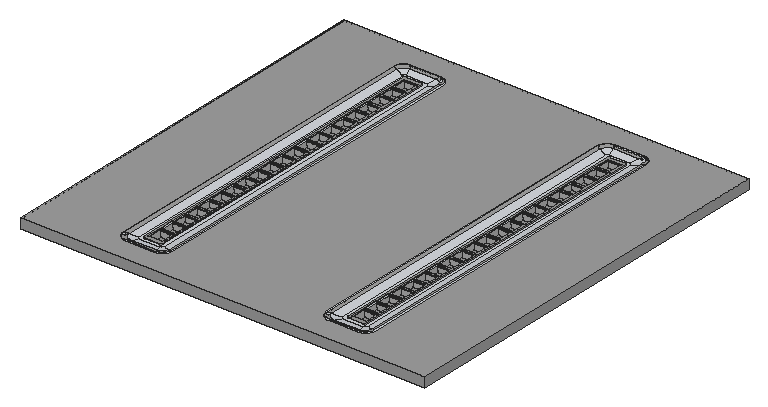
Revit family "0044016 Sylvania Lighting Fixture OptiClip 600 4000K C9 WH CC WHITE", category Lighting Fixtures, host Face, Revit 2016
Family settings
  Host = Face
  Part Type = Normal
  Round Connector Dimension = Use Diameter
  OmniClass Number = 23.80.70.00
  OmniClass Title = Lighting
  Cut with Voids When Loaded = No
  Light Source = Yes
  Shared = No
  Room Calculation Point = No
Parameters (values of type "Type Name")
  spacer height = 5 mm
  spacer centres = 1000 mm
  height = 14.63 mm
  cut out width = 590 mm
  cut out length = 590 mm
  Width = 595 mm
  Weight = ""
  Wattage Comments = ""
  Wattage = 9.2903 W
  WarrantyStartDate [instance] = "n/a"
  WarrantyGuarantorParts = "n/a"
  WarrantyDurationUnit = "n/a"
  WarrantyDurationParts = "n/a"
  WarrantyDescription = "n/a"
  built-in parameter 1150110 = 1 (stored number, unit not read)
  Voltage = 0 V
  URL = "http://www.feilosylvania.com"
  TypeName = ""
  Type Image = <None>
  Type Comments = "n/a"
  built-in parameter 1114217 = 1 (stored number, unit not read)
  Tilt Angle = 90.00°
  built-in parameter 1150109 = 1 (stored number, unit not read)
  built-in parameter 1150134 = 3
  built-in parameter 1150113 = 1 (stored number, unit not read)
  SerialNumber [instance] = "n/a"
  Photometric Web File = "0044016.ies"
  Material_3_FEILO = none
  PowerFactor = 0
  PowerConsumption = ""
  NominalLength = 0 mm
  NominalHeight = 0 mm
  NominalDepth = 0 mm
  Name = ""
  ModelReference = Name  # ""
  ModelNumber = ""
  Model = Name  # ""
  Material = ""
  ManufacturerName = "Feilo Sylvania"
  Manufacturer = "Feilo Sylvania"
  LuminousEfficacy = ""
  built-in parameter 1150105 = 109.82 (stored number, unit not read)
  Lumens = 1380 lm
  LuminaireType = ""
  built-in parameter 1150115 = 1 (stored number, unit not read)
  LightOutputRatio = ""
  built-in parameter 1150137 = (empty or 0)
  built-in parameter 1150139 = (empty or 0)
  Length = 595 mm
  LampsType = Lamp  # ""
  LampNominalLuminous = ""
  LampMacAdamStep = ""
  LampColourTemperature = ""
  LampColourRenderingIndex = ""
  built-in parameter 1150112 = 1 (stored number, unit not read)
  built-in parameter 1150114 = 1 (stored number, unit not read)
  Lamp = ""
  Keynote = "16500"
  InstallationDate [instance] = "n/a"
  InputVoltage = ""
  InputNominalFrequency = ""
  built-in parameter 1150132 = (empty or 0)
  built-in parameter 1150102 = (empty or 0)
  built-in parameter 1150107 = 3200 (stored number, unit not read)
  built-in parameter 1150138 = (empty or 0)
  IngressProtection = ""
  ImpactProtectionIndex = ""
  built-in parameter 1150106 = 1.0982 (stored number, unit not read)
  IfcExportType = "IfcLightFixtureType"
  IfcExportAs = "IfcLightFixtureType"
  Height = 50 mm
  ExpectedLife = 50000
  Emit from Circle Diameter = 609.6 mm
  Emit Shape Visible in Rendering = no
  ElectricShockClassification = ""
  built-in parameter 1150104 = 13.8 (stored number, unit not read)
  DurationUnit = "hours"
  DocumentationLiterature = ""
  DimmingControlOptions = ""
  Material_2_FEILO = none
  Dimming Lamp Color Temperature Shift = <None>
  Description = ""
  Default Elevation = 1219.2 mm
  CreatedOn = ""
  CreatedBy = ""
  Cost = 0
  Color Filter = 16777215
  built-in parameter 1114216 [instance] = (empty or 0)
  ClassificationValue = "EF_70_80"
  ClassificationName = "Uniclass2015"
  Material_1_FEILO = none
  BarCode [instance] = "n/a"
  built-in parameter 1114218 = 1 (stored number, unit not read)
  built-in parameter 1150133 = 10 (stored number, unit not read)
  AssetType = ""
  AssetIdentifier [instance] = "n/a"
  Assembly Code = "D5020200"
  Apparent Load = 0 VA
  Material_4_FEILO = none
Reference planes
  plane 1 "Center (Front/Back)": y = 0
  plane 2: z = 0
  plane 3 "Center (Left/Right)": x = 0
  plane 4: z = 0
  plane 5: y = 297.5
  plane 6: y = -297.5
  plane 7: x = -297.5
  plane 8: x = 297.5
  plane 9: x = -295
  plane 10: x = 295
  plane 11: y = 295
  plane 12: y = -295
  plane 13: z = -14.63
  plane 14: y = 296.5
  plane 15: x = -296.5
  plane 16: x = 296.5
  plane 17: y = -296.5
  plane 18: x = -185
  plane 19: x = -113
  plane 20: y = -246.5
  plane 21: x = -184
  plane 22: y = 262
  plane 23: x = -114
  plane 24: y = -262
  plane 25: y = 245.5
  plane 26: y = -245.345
  plane 27: x = -160
  plane 28: x = -138
  plane 29: y = 236.5
  plane 30: y = -236.345
  plane 31: y = 213.35
  plane 32: y = 212.35
  plane 33: y = 190.95
  plane 34: y = 189.95
  plane 35: y = 168.595
  plane 36: y = 167.595
  plane 37: y = 146.15
  plane 38: y = 145.15
  plane 39: y = 123.75
  plane 40: y = 122.75
  plane 41: y = 101.35
  plane 42: y = 100.35
  plane 43: y = 78.95
  plane 44: y = 77.95
  plane 45: y = 56.576
  plane 46: y = 55.576
  plane 47: y = 34.15
  plane 48: y = 33.15
  plane 49: y = 11.75
  plane 50: y = 10.75
  plane 51: y = -10.65
  plane 52: y = -11.65
  plane 53: y = -33.05
  plane 54: y = -34.05
  plane 55: y = -55.45
  plane 56: y = -56.45
  plane 57: y = -77.805
  plane 58: y = -78.805
  plane 59: y = -100.25
  plane 60: y = -101.25
  plane 61: y = -122.65
  plane 62: y = -123.65
  plane 63: y = -145.05
  plane 64: y = -146.05
  plane 65: y = -167.45
  plane 66: y = -168.416
  plane 67: y = -189.816
  plane 68: y = -190.816
  plane 69: y = -212.216
  plane 70: y = -213.216
  plane 71: y = -234.616
  plane 72: x = -159.5
  plane 73: x = -138.539
  plane 74: y = 230.05
  plane 75: y = 218.05
  plane 76: x = -143.039
  plane 77: x = -155
  plane 78: x = -162.5
  plane 79: x = -135.5
  plane 80: y = 240.5
  plane 81: y = -240.345
  plane 82: y = 238
Forms (mm)
  Extrusion 1, void, detail levels medium+fine
    sketch origin (4.2, 0, 0) x (0, 1, 0) y (1, 0, 0)
      loop
        line (295, -299.2) -> (295, 290.8) -> (-295, 290.8) -> (-295, -299.2) -> (295, -299.2)
    from 0 to 10
  Extrusion 2, solid, material "Default", detail levels medium+fine
    sketch origin (4.2, 0, 0) x (1, 0, 0) y (0, 1, 0)
      loop
        line (-301.7, 297.5) -> (-301.7, -297.5) -> (293.3, -297.5) -> (293.3, 297.5) -> (-301.7, 297.5)
    from 0 to -14.63
  Extrusion 3, void, detail levels medium+fine
    sketch origin (4.2, 0, 0) x (0, 1, 0) y (1, 0, 0)
      loop
        line (296.5, -300.7) -> (296.5, 292.3) -> (-296.5, 292.3) -> (-296.5, -300.7) -> (296.5, -300.7)
    from 1.008 to 14.63
  Blend 4, solid, detail levels medium+fine
    base sketch origin (4.2, 0, 0) x (1, 0, 0) y (0, 1, 0)
      loop
        line (-189.2, 248) -> (-189.2, -248)
        arc (-189.2, -248) -> (-184.807, -258.607) -> (-174.2, -263) r 15
        line (-174.2, -263) -> (-132.2, -263)
        arc (-132.2, -263) -> (-121.593, -258.607) -> (-117.2, -248) r 15
        line (-117.2, -248) -> (-117.2, 248)
        arc (-117.2, 248) -> (-121.593, 258.607) -> (-132.2, 263) r 15
        line (-132.2, 263) -> (-174.2, 263)
        arc (-174.2, 263) -> (-184.807, 258.607) -> (-189.2, 248) r 15
    top sketch origin (4.2, 0, 0) x (1, 0, 0) y (0, 1, 0)
      loop
        line (-172.7, 242.5) -> (-172.7, -242.5)
        arc (-172.7, -242.5) -> (-171.517, -245.34) -> (-168.667, -246.5) r 4
        line (-168.667, -246.5) -> (-137.633, -246.5)
        arc (-137.633, -246.5) -> (-134.828, -245.324) -> (-133.7, -242.5) r 3.934
        line (-133.7, -242.5) -> (-133.7, 242.5)
        arc (-133.7, 242.5) -> (-134.982, 245.439) -> (-138.008, 246.5) r 4.011
        line (-138.008, 246.5) -> (-168.7, 246.5)
        arc (-168.7, 246.5) -> (-171.528, 245.328) -> (-172.7, 242.5) r 4
    from 0 to -4
  Blend 5, void
    base sketch origin (4.2, 0, 0) x (0, 1, 0) y (-1, 0, 0)
      loop
        line (248, 188.2) -> (-248, 188.2)
        arc (-248, 188.2) -> (-257.899, 184.099) -> (-262, 174.2) r 14
        line (-262, 174.2) -> (-262, 132.2)
        arc (-262, 132.2) -> (-257.899, 122.301) -> (-248, 118.2) r 14
        line (-248, 118.2) -> (248, 118.2)
        arc (248, 118.2) -> (257.899, 122.301) -> (262, 132.2) r 14
        line (262, 132.2) -> (262, 174.2)
        arc (262, 174.2) -> (257.899, 184.099) -> (248, 188.2) r 14
    top sketch origin (4.2, 0, 0) x (0, 1, 0) y (-1, 0, 0)
      loop
        line (242.5, 171.7) -> (-242.5, 171.7)
        arc (-242.5, 171.7) -> (-244.579, 170.8) -> (-245.345, 168.667) r 2.851
        line (-245.345, 168.667) -> (-245.345, 137.633)
        arc (-245.345, 137.633) -> (-244.517, 135.59) -> (-242.5, 134.7) r 2.934
        line (-242.5, 134.7) -> (242.5, 134.7)
        arc (242.5, 134.7) -> (244.733, 135.69) -> (245.5, 138.008) r 3.014
        line (245.5, 138.008) -> (245.5, 168.7)
        arc (245.5, 168.7) -> (244.621, 170.821) -> (242.5, 171.7) r 3
    from 0 to -3.5
  Extrusion 6, solid, material "Aluminum 1100-H18", detail levels medium+fine
    sketch origin (4.2, 0, 0) x (1, 0, 0) y (0, 1, 0)
      loop
        line (-164.2, 236.5) -> (-164.2, -236.345) -> (-142.2, -236.345) -> (-142.2, 236.5) -> (-164.2, 236.5)
    from -4 to -14.63
  Extrusion 7, solid, material "Aluminum 1100-H18", detail levels medium+fine
    sketch origin (4.2, 0, 0) x (1, 0, 0) y (0, 1, 0)
      loop
        line (-166.7, 238) -> (-166.7, -238.071)
        arc (-166.7, -238.071) -> (-165.953, -239.761) -> (-164.2, -240.345) r 2.284
        line (-164.2, -240.345) -> (-142.156, -240.345)
        arc (-142.156, -240.345) -> (-140.483, -239.689) -> (-139.7, -238.071) r 2.464
        line (-139.7, -238.071) -> (-139.7, 238)
        arc (-139.7, 238) -> (-140.432, 239.768) -> (-142.2, 240.5) r 2.5
        line (-142.2, 240.5) -> (-164.2, 240.5)
        arc (-164.2, 240.5) -> (-165.968, 239.768) -> (-166.7, 238) r 2.5
    from -3.5 to -2.5
  Blend 8, void
    base sketch origin (4.2, 0, 0) x (0, 1, 0) y (-1, 0, 0)
      loop
        line (234.75, 163.7) -> (213.35, 163.7) -> (213.35, 142.739) -> (234.75, 142.739) -> (234.75, 163.7)
    top sketch origin (4.2, 0, 0) x (0, 1, 0) y (-1, 0, 0)
      loop
        line (230.05, 159.2) -> (218.05, 159.2) -> (218.05, 147.239) -> (230.05, 147.239) -> (230.05, 159.2)
    from -2.5 to -11
  Blend 9, void
    base sketch origin (4.2, -22.4, 0) x (0, 1, 0) y (-1, 0, 0)
      loop
        line (234.75, 163.7) -> (213.35, 163.7) -> (213.35, 142.739) -> (234.75, 142.739) -> (234.75, 163.7)
    top sketch origin (4.2, -22.4, 0) x (0, 1, 0) y (-1, 0, 0)
      loop
        line (230.05, 159.2) -> (218.05, 159.2) -> (218.05, 147.239) -> (230.05, 147.239) -> (230.05, 159.2)
    from -2.5 to -11
  Blend 10, void
    base sketch origin (4.2, -44.8, 0) x (0, 1, 0) y (-1, 0, 0)
      loop
        line (234.75, 163.7) -> (213.35, 163.7) -> (213.35, 142.739) -> (234.75, 142.739) -> (234.75, 163.7)
    top sketch origin (4.2, -44.8, 0) x (0, 1, 0) y (-1, 0, 0)
      loop
        line (230.05, 159.2) -> (218.05, 159.2) -> (218.05, 147.239) -> (230.05, 147.239) -> (230.05, 159.2)
    from -2.5 to -11
  Blend 11, void
    base sketch origin (4.2, -67.155, 0) x (0, 1, 0) y (-1, 0, 0)
      loop
        line (234.75, 163.7) -> (213.35, 163.7) -> (213.35, 142.739) -> (234.75, 142.739) -> (234.75, 163.7)
    top sketch origin (4.2, -67.155, 0) x (0, 1, 0) y (-1, 0, 0)
      loop
        line (230.05, 159.2) -> (218.05, 159.2) -> (218.05, 147.239) -> (230.05, 147.239) -> (230.05, 159.2)
    from -2.5 to -11
  Blend 12, void
    base sketch origin (4.2, -89.6, 0) x (0, 1, 0) y (-1, 0, 0)
      loop
        line (234.75, 163.7) -> (213.35, 163.7) -> (213.35, 142.739) -> (234.75, 142.739) -> (234.75, 163.7)
    top sketch origin (4.2, -89.6, 0) x (0, 1, 0) y (-1, 0, 0)
      loop
        line (230.05, 159.2) -> (218.05, 159.2) -> (218.05, 147.239) -> (230.05, 147.239) -> (230.05, 159.2)
    from -2.5 to -11
  Blend 13, void
    base sketch origin (4.2, -112, 0) x (0, 1, 0) y (-1, 0, 0)
      loop
        line (234.75, 163.7) -> (213.35, 163.7) -> (213.35, 142.739) -> (234.75, 142.739) -> (234.75, 163.7)
    top sketch origin (4.2, -112, 0) x (0, 1, 0) y (-1, 0, 0)
      loop
        line (230.05, 159.2) -> (218.05, 159.2) -> (218.05, 147.239) -> (230.05, 147.239) -> (230.05, 159.2)
    from -2.5 to -11
  Blend 14, void
    base sketch origin (4.2, -134.4, 0) x (0, 1, 0) y (-1, 0, 0)
      loop
        line (234.75, 163.7) -> (213.35, 163.7) -> (213.35, 142.739) -> (234.75, 142.739) -> (234.75, 163.7)
    top sketch origin (4.2, -134.4, 0) x (0, 1, 0) y (-1, 0, 0)
      loop
        line (230.05, 159.2) -> (218.05, 159.2) -> (218.05, 147.239) -> (230.05, 147.239) -> (230.05, 159.2)
    from -2.5 to -11
  Blend 15, void
    base sketch origin (4.2, -156.8, 0) x (0, 1, 0) y (-1, 0, 0)
      loop
        line (234.75, 163.7) -> (213.35, 163.7) -> (213.35, 142.739) -> (234.75, 142.739) -> (234.75, 163.7)
    top sketch origin (4.2, -156.8, 0) x (0, 1, 0) y (-1, 0, 0)
      loop
        line (230.05, 159.2) -> (218.05, 159.2) -> (218.05, 147.239) -> (230.05, 147.239) -> (230.05, 159.2)
    from -2.5 to -11
  Blend 16, void
    base sketch origin (4.2, -179.174, 0) x (0, 1, 0) y (-1, 0, 0)
      loop
        line (234.75, 163.7) -> (213.35, 163.7) -> (213.35, 142.739) -> (234.75, 142.739) -> (234.75, 163.7)
    top sketch origin (4.2, -179.174, 0) x (0, 1, 0) y (-1, 0, 0)
      loop
        line (230.05, 159.2) -> (218.05, 159.2) -> (218.05, 147.239) -> (230.05, 147.239) -> (230.05, 159.2)
    from -2.5 to -11
  Blend 17, void
    base sketch origin (4.2, -201.6, 0) x (0, 1, 0) y (-1, 0, 0)
      loop
        line (234.75, 163.7) -> (213.35, 163.7) -> (213.35, 142.739) -> (234.75, 142.739) -> (234.75, 163.7)
    top sketch origin (4.2, -201.6, 0) x (0, 1, 0) y (-1, 0, 0)
      loop
        line (230.05, 159.2) -> (218.05, 159.2) -> (218.05, 147.239) -> (230.05, 147.239) -> (230.05, 159.2)
    from -2.5 to -11
  Blend 18, void
    base sketch origin (4.2, -224, 0) x (0, 1, 0) y (-1, 0, 0)
      loop
        line (234.75, 163.7) -> (213.35, 163.7) -> (213.35, 142.739) -> (234.75, 142.739) -> (234.75, 163.7)
    top sketch origin (4.2, -224, 0) x (0, 1, 0) y (-1, 0, 0)
      loop
        line (230.05, 159.2) -> (218.05, 159.2) -> (218.05, 147.239) -> (230.05, 147.239) -> (230.05, 159.2)
    from -2.5 to -11
  Blend 19, void
    base sketch origin (4.2, -246.4, 0) x (0, 1, 0) y (-1, 0, 0)
      loop
        line (234.75, 163.7) -> (213.35, 163.7) -> (213.35, 142.739) -> (234.75, 142.739) -> (234.75, 163.7)
    top sketch origin (4.2, -246.4, 0) x (0, 1, 0) y (-1, 0, 0)
      loop
        line (230.05, 159.2) -> (218.05, 159.2) -> (218.05, 147.239) -> (230.05, 147.239) -> (230.05, 159.2)
    from -2.5 to -11
  Blend 20, void
    base sketch origin (4.2, -268.8, 0) x (0, 1, 0) y (-1, 0, 0)
      loop
        line (234.75, 163.7) -> (213.35, 163.7) -> (213.35, 142.739) -> (234.75, 142.739) -> (234.75, 163.7)
    top sketch origin (4.2, -268.8, 0) x (0, 1, 0) y (-1, 0, 0)
      loop
        line (230.05, 159.2) -> (218.05, 159.2) -> (218.05, 147.239) -> (230.05, 147.239) -> (230.05, 159.2)
    from -2.5 to -11
  Blend 21, void
    base sketch origin (4.2, -291.2, 0) x (0, 1, 0) y (-1, 0, 0)
      loop
        line (234.75, 163.7) -> (213.35, 163.7) -> (213.35, 142.739) -> (234.75, 142.739) -> (234.75, 163.7)
    top sketch origin (4.2, -291.2, 0) x (0, 1, 0) y (-1, 0, 0)
      loop
        line (230.05, 159.2) -> (218.05, 159.2) -> (218.05, 147.239) -> (230.05, 147.239) -> (230.05, 159.2)
    from -2.5 to -11
  Blend 22, void
    base sketch origin (4.2, -313.555, 0) x (0, 1, 0) y (-1, 0, 0)
      loop
        line (234.75, 163.7) -> (213.35, 163.7) -> (213.35, 142.739) -> (234.75, 142.739) -> (234.75, 163.7)
    top sketch origin (4.2, -313.555, 0) x (0, 1, 0) y (-1, 0, 0)
      loop
        line (230.05, 159.2) -> (218.05, 159.2) -> (218.05, 147.239) -> (230.05, 147.239) -> (230.05, 159.2)
    from -2.5 to -11
  Blend 23, void
    base sketch origin (4.2, -336, 0) x (0, 1, 0) y (-1, 0, 0)
      loop
        line (234.75, 163.7) -> (213.35, 163.7) -> (213.35, 142.739) -> (234.75, 142.739) -> (234.75, 163.7)
    top sketch origin (4.2, -336, 0) x (0, 1, 0) y (-1, 0, 0)
      loop
        line (230.05, 159.2) -> (218.05, 159.2) -> (218.05, 147.239) -> (230.05, 147.239) -> (230.05, 159.2)
    from -2.5 to -11
  Blend 24, void
    base sketch origin (4.2, -358.4, 0) x (0, 1, 0) y (-1, 0, 0)
      loop
        line (234.75, 163.7) -> (213.35, 163.7) -> (213.35, 142.739) -> (234.75, 142.739) -> (234.75, 163.7)
    top sketch origin (4.2, -358.4, 0) x (0, 1, 0) y (-1, 0, 0)
      loop
        line (230.05, 159.2) -> (218.05, 159.2) -> (218.05, 147.239) -> (230.05, 147.239) -> (230.05, 159.2)
    from -2.5 to -11
  Blend 25, void
    base sketch origin (4.2, -380.8, 0) x (0, 1, 0) y (-1, 0, 0)
      loop
        line (234.75, 163.7) -> (213.35, 163.7) -> (213.35, 142.739) -> (234.75, 142.739) -> (234.75, 163.7)
    top sketch origin (4.2, -380.8, 0) x (0, 1, 0) y (-1, 0, 0)
      loop
        line (230.05, 159.2) -> (218.05, 159.2) -> (218.05, 147.239) -> (230.05, 147.239) -> (230.05, 159.2)
    from -2.5 to -11
  Extrusion 26, solid, material "Glass, White, High Luminance", detail levels fine
    sketch origin (4.2, 0, 0) x (1, 0, 0) y (0, 1, 0)
      loop
        line (-159.2, 230.05) -> (-159.2, 218.05) -> (-147.239, 218.05) -> (-147.239, 230.05) -> (-159.2, 230.05)
    from -11 to -10
  Extrusion 27, solid, material "Glass, White, High Luminance", detail levels fine
    sketch origin (4.2, -22.4, 0) x (1, 0, 0) y (0, 1, 0)
      loop
        line (-159.2, 230.05) -> (-159.2, 218.05) -> (-147.239, 218.05) -> (-147.239, 230.05) -> (-159.2, 230.05)
    from -11 to -10
  Extrusion 28, solid, material "Glass, White, High Luminance", detail levels fine
    sketch origin (4.2, -44.8, 0) x (1, 0, 0) y (0, 1, 0)
      loop
        line (-159.2, 230.05) -> (-159.2, 218.05) -> (-147.239, 218.05) -> (-147.239, 230.05) -> (-159.2, 230.05)
    from -11 to -10
  Extrusion 29, solid, material "Glass, White, High Luminance", detail levels fine
    sketch origin (4.2, -67.155, 0) x (1, 0, 0) y (0, 1, 0)
      loop
        line (-159.2, 230.05) -> (-159.2, 218.05) -> (-147.239, 218.05) -> (-147.239, 230.05) -> (-159.2, 230.05)
    from -11 to -10
  Extrusion 30, solid, material "Glass, White, High Luminance", detail levels fine
    sketch origin (4.2, -89.6, 0) x (1, 0, 0) y (0, 1, 0)
      loop
        line (-159.2, 230.05) -> (-159.2, 218.05) -> (-147.239, 218.05) -> (-147.239, 230.05) -> (-159.2, 230.05)
    from -11 to -10
  Extrusion 31, solid, material "Glass, White, High Luminance", detail levels fine
    sketch origin (4.2, -112, 0) x (1, 0, 0) y (0, 1, 0)
      loop
        line (-159.2, 230.05) -> (-159.2, 218.05) -> (-147.239, 218.05) -> (-147.239, 230.05) -> (-159.2, 230.05)
    from -11 to -10
  Extrusion 32, solid, material "Glass, White, High Luminance", detail levels fine
    sketch origin (4.2, -134.4, 0) x (1, 0, 0) y (0, 1, 0)
      loop
        line (-159.2, 230.05) -> (-159.2, 218.05) -> (-147.239, 218.05) -> (-147.239, 230.05) -> (-159.2, 230.05)
    from -11 to -10
  Extrusion 33, solid, material "Glass, White, High Luminance", detail levels fine
    sketch origin (4.2, -156.8, 0) x (1, 0, 0) y (0, 1, 0)
      loop
        line (-159.2, 230.05) -> (-159.2, 218.05) -> (-147.239, 218.05) -> (-147.239, 230.05) -> (-159.2, 230.05)
    from -11 to -10
  Extrusion 34, solid, material "Glass, White, High Luminance", detail levels fine
    sketch origin (4.2, -179.174, 0) x (1, 0, 0) y (0, 1, 0)
      loop
        line (-159.2, 230.05) -> (-159.2, 218.05) -> (-147.239, 218.05) -> (-147.239, 230.05) -> (-159.2, 230.05)
    from -11 to -10
  Extrusion 35, solid, material "Glass, White, High Luminance", detail levels fine
    sketch origin (4.2, -201.6, 0) x (1, 0, 0) y (0, 1, 0)
      loop
        line (-159.2, 230.05) -> (-159.2, 218.05) -> (-147.239, 218.05) -> (-147.239, 230.05) -> (-159.2, 230.05)
    from -11 to -10
  Extrusion 36, solid, material "Glass, White, High Luminance", detail levels fine
    sketch origin (4.2, -224, 0) x (1, 0, 0) y (0, 1, 0)
      loop
        line (-159.2, 230.05) -> (-159.2, 218.05) -> (-147.239, 218.05) -> (-147.239, 230.05) -> (-159.2, 230.05)
    from -11 to -10
  Extrusion 37, solid, material "Glass, White, High Luminance", detail levels fine
    sketch origin (4.2, -246.4, 0) x (1, 0, 0) y (0, 1, 0)
      loop
        line (-159.2, 230.05) -> (-159.2, 218.05) -> (-147.239, 218.05) -> (-147.239, 230.05) -> (-159.2, 230.05)
    from -11 to -10
  Extrusion 38, solid, material "Glass, White, High Luminance", detail levels fine
    sketch origin (4.2, -268.8, 0) x (1, 0, 0) y (0, 1, 0)
      loop
        line (-159.2, 230.05) -> (-159.2, 218.05) -> (-147.239, 218.05) -> (-147.239, 230.05) -> (-159.2, 230.05)
    from -11 to -10
  Extrusion 39, solid, material "Glass, White, High Luminance", detail levels fine
    sketch origin (4.2, -291.2, 0) x (1, 0, 0) y (0, 1, 0)
      loop
        line (-159.2, 230.05) -> (-159.2, 218.05) -> (-147.239, 218.05) -> (-147.239, 230.05) -> (-159.2, 230.05)
    from -11 to -10
  Extrusion 40, solid, material "Glass, White, High Luminance", detail levels fine
    sketch origin (4.2, -313.555, 0) x (1, 0, 0) y (0, 1, 0)
      loop
        line (-159.2, 230.05) -> (-159.2, 218.05) -> (-147.239, 218.05) -> (-147.239, 230.05) -> (-159.2, 230.05)
    from -11 to -10
  Extrusion 41, solid, material "Glass, White, High Luminance", detail levels fine
    sketch origin (4.2, -336, 0) x (1, 0, 0) y (0, 1, 0)
      loop
        line (-159.2, 230.05) -> (-159.2, 218.05) -> (-147.239, 218.05) -> (-147.239, 230.05) -> (-159.2, 230.05)
    from -11 to -10
  Extrusion 42, solid, material "Glass, White, High Luminance", detail levels fine
    sketch origin (4.2, -358.4, 0) x (1, 0, 0) y (0, 1, 0)
      loop
        line (-159.2, 230.05) -> (-159.2, 218.05) -> (-147.239, 218.05) -> (-147.239, 230.05) -> (-159.2, 230.05)
    from -11 to -10
  Extrusion 43, solid, material "Glass, White, High Luminance", detail levels fine
    sketch origin (4.2, -380.8, 0) x (1, 0, 0) y (0, 1, 0)
      loop
        line (-159.2, 230.05) -> (-159.2, 218.05) -> (-147.239, 218.05) -> (-147.239, 230.05) -> (-159.2, 230.05)
    from -11 to -10
  Extrusion 44, solid, material "Glass, White, High Luminance", detail levels fine
    sketch origin (3.419, -403.166, 0) x (1, 0, 0) y (0, 1, 0)
      loop
        line (-158.419, 230.05) -> (-158.419, 218.05) -> (-146.458, 218.05) -> (-146.458, 230.05) -> (-158.419, 230.05)
    from -11 to -10
  Extrusion 45, solid, material "Glass, White, High Luminance", detail levels fine
    sketch origin (3.419, -425.566, 0) x (1, 0, 0) y (0, 1, 0)
      loop
        line (-158.419, 230.05) -> (-158.419, 218.05) -> (-146.458, 218.05) -> (-146.458, 230.05) -> (-158.419, 230.05)
    from -11 to -10
  Extrusion 46, solid, material "Glass, White, High Luminance", detail levels fine
    sketch origin (3.419, -447.966, 0) x (1, 0, 0) y (0, 1, 0)
      loop
        line (-158.419, 230.05) -> (-158.419, 218.05) -> (-146.458, 218.05) -> (-146.458, 230.05) -> (-158.419, 230.05)
    from -11 to -10
  Blend 47, solid, detail levels medium+fine
    base sketch origin (303.2, 0, 0) x (1, 0, 0) y (0, 1, 0)
      loop
        line (-189.2, 248) -> (-189.2, -248)
        arc (-189.2, -248) -> (-184.807, -258.607) -> (-174.2, -263) r 15
        line (-174.2, -263) -> (-132.2, -263)
        arc (-132.2, -263) -> (-121.593, -258.607) -> (-117.2, -248) r 15
        line (-117.2, -248) -> (-117.2, 248)
        arc (-117.2, 248) -> (-121.593, 258.607) -> (-132.2, 263) r 15
        line (-132.2, 263) -> (-174.2, 263)
        arc (-174.2, 263) -> (-184.807, 258.607) -> (-189.2, 248) r 15
    top sketch origin (303.2, 0, 0) x (1, 0, 0) y (0, 1, 0)
      loop
        line (-172.7, 242.5) -> (-172.7, -242.5)
        arc (-172.7, -242.5) -> (-171.517, -245.34) -> (-168.667, -246.5) r 4
        line (-168.667, -246.5) -> (-137.633, -246.5)
        arc (-137.633, -246.5) -> (-134.828, -245.324) -> (-133.7, -242.5) r 3.934
        line (-133.7, -242.5) -> (-133.7, 242.5)
        arc (-133.7, 242.5) -> (-134.982, 245.439) -> (-138.008, 246.5) r 4.011
        line (-138.008, 246.5) -> (-168.7, 246.5)
        arc (-168.7, 246.5) -> (-171.528, 245.328) -> (-172.7, 242.5) r 4
    from 0 to -4
  Blend 48, void
    base sketch origin (303.2, 0, 0) x (0, 1, 0) y (-1, 0, 0)
      loop
        line (248, 188.2) -> (-248, 188.2)
        arc (-248, 188.2) -> (-257.899, 184.099) -> (-262, 174.2) r 14
        line (-262, 174.2) -> (-262, 132.2)
        arc (-262, 132.2) -> (-257.899, 122.301) -> (-248, 118.2) r 14
        line (-248, 118.2) -> (248, 118.2)
        arc (248, 118.2) -> (257.899, 122.301) -> (262, 132.2) r 14
        line (262, 132.2) -> (262, 174.2)
        arc (262, 174.2) -> (257.899, 184.099) -> (248, 188.2) r 14
    top sketch origin (303.2, 0, 0) x (0, 1, 0) y (-1, 0, 0)
      loop
        line (242.5, 171.7) -> (-242.5, 171.7)
        arc (-242.5, 171.7) -> (-244.579, 170.8) -> (-245.345, 168.667) r 2.851
        line (-245.345, 168.667) -> (-245.345, 137.633)
        arc (-245.345, 137.633) -> (-244.517, 135.59) -> (-242.5, 134.7) r 2.934
        line (-242.5, 134.7) -> (242.5, 134.7)
        arc (242.5, 134.7) -> (244.733, 135.69) -> (245.5, 138.008) r 3.014
        line (245.5, 138.008) -> (245.5, 168.7)
        arc (245.5, 168.7) -> (244.621, 170.821) -> (242.5, 171.7) r 3
    from 0 to -3.5
  Extrusion 49, solid, material "Aluminum 1100-H18", detail levels medium+fine
    sketch origin (304.2, 0, 0) x (1, 0, 0) y (0, 1, 0)
      loop
        line (-164.2, 236.5) -> (-164.2, -236.345) -> (-142.2, -236.345) -> (-142.2, 236.5) -> (-164.2, 236.5)
    from -4 to -14.63
  Blend 50, void
    base sketch origin (4.2, -403.166, 0) x (0, 1, 0) y (-1, 0, 0)
      loop
        line (234.75, 163.7) -> (213.35, 163.7) -> (213.35, 142.739) -> (234.75, 142.739) -> (234.75, 163.7)
    top sketch origin (4.2, -403.166, 0) x (0, 1, 0) y (-1, 0, 0)
      loop
        line (230.05, 159.2) -> (218.05, 159.2) -> (218.05, 147.239) -> (230.05, 147.239) -> (230.05, 159.2)
    from -2.5 to -11
  Blend 51, void
    base sketch origin (4.2, -425.566, 0) x (0, 1, 0) y (-1, 0, 0)
      loop
        line (234.75, 163.7) -> (213.35, 163.7) -> (213.35, 142.739) -> (234.75, 142.739) -> (234.75, 163.7)
    top sketch origin (4.2, -425.566, 0) x (0, 1, 0) y (-1, 0, 0)
      loop
        line (230.05, 159.2) -> (218.05, 159.2) -> (218.05, 147.239) -> (230.05, 147.239) -> (230.05, 159.2)
    from -2.5 to -11
  Blend 52, void
    base sketch origin (4.2, -447.966, 0) x (0, 1, 0) y (-1, 0, 0)
      loop
        line (234.75, 163.7) -> (213.35, 163.7) -> (213.35, 142.739) -> (234.75, 142.739) -> (234.75, 163.7)
    top sketch origin (4.2, -447.966, 0) x (0, 1, 0) y (-1, 0, 0)
      loop
        line (230.05, 159.2) -> (218.05, 159.2) -> (218.05, 147.239) -> (230.05, 147.239) -> (230.05, 159.2)
    from -2.5 to -11
  Extrusion 53, solid, material "Aluminum 1100-H18", detail levels medium+fine
    sketch origin (304.2, 0, 0) x (1, 0, 0) y (0, 1, 0)
      loop
        line (-166.7, 238) -> (-166.7, -238.071)
        arc (-166.7, -238.071) -> (-165.953, -239.761) -> (-164.2, -240.345) r 2.284
        line (-164.2, -240.345) -> (-142.156, -240.345)
        arc (-142.156, -240.345) -> (-140.483, -239.689) -> (-139.7, -238.071) r 2.464
        line (-139.7, -238.071) -> (-139.7, 238)
        arc (-139.7, 238) -> (-140.432, 239.768) -> (-142.2, 240.5) r 2.5
        line (-142.2, 240.5) -> (-164.2, 240.5)
        arc (-164.2, 240.5) -> (-165.968, 239.768) -> (-166.7, 238) r 2.5
    from -3.5 to -2.5
  Blend 54, void
    base sketch origin (304.2, 0, 0) x (0, 1, 0) y (-1, 0, 0)
      loop
        line (234.75, 163.7) -> (213.35, 163.7) -> (213.35, 142.739) -> (234.75, 142.739) -> (234.75, 163.7)
    top sketch origin (304.2, 0, 0) x (0, 1, 0) y (-1, 0, 0)
      loop
        line (230.05, 159.2) -> (218.05, 159.2) -> (218.05, 147.239) -> (230.05, 147.239) -> (230.05, 159.2)
    from -2.5 to -11
  Blend 55, void
    base sketch origin (304.2, -22.4, 0) x (0, 1, 0) y (-1, 0, 0)
      loop
        line (234.75, 163.7) -> (213.35, 163.7) -> (213.35, 142.739) -> (234.75, 142.739) -> (234.75, 163.7)
    top sketch origin (304.2, -22.4, 0) x (0, 1, 0) y (-1, 0, 0)
      loop
        line (230.05, 159.2) -> (218.05, 159.2) -> (218.05, 147.239) -> (230.05, 147.239) -> (230.05, 159.2)
    from -2.5 to -11
  Blend 56, void
    base sketch origin (304.2, -44.8, 0) x (0, 1, 0) y (-1, 0, 0)
      loop
        line (234.75, 163.7) -> (213.35, 163.7) -> (213.35, 142.739) -> (234.75, 142.739) -> (234.75, 163.7)
    top sketch origin (304.2, -44.8, 0) x (0, 1, 0) y (-1, 0, 0)
      loop
        line (230.05, 159.2) -> (218.05, 159.2) -> (218.05, 147.239) -> (230.05, 147.239) -> (230.05, 159.2)
    from -2.5 to -11
  Blend 57, void
    base sketch origin (304.2, -67.155, 0) x (0, 1, 0) y (-1, 0, 0)
      loop
        line (234.75, 163.7) -> (213.35, 163.7) -> (213.35, 142.739) -> (234.75, 142.739) -> (234.75, 163.7)
    top sketch origin (304.2, -67.155, 0) x (0, 1, 0) y (-1, 0, 0)
      loop
        line (230.05, 159.2) -> (218.05, 159.2) -> (218.05, 147.239) -> (230.05, 147.239) -> (230.05, 159.2)
    from -2.5 to -11
  Blend 58, void
    base sketch origin (304.2, -89.6, 0) x (0, 1, 0) y (-1, 0, 0)
      loop
        line (234.75, 163.7) -> (213.35, 163.7) -> (213.35, 142.739) -> (234.75, 142.739) -> (234.75, 163.7)
    top sketch origin (304.2, -89.6, 0) x (0, 1, 0) y (-1, 0, 0)
      loop
        line (230.05, 159.2) -> (218.05, 159.2) -> (218.05, 147.239) -> (230.05, 147.239) -> (230.05, 159.2)
    from -2.5 to -11
  Blend 59, void
    base sketch origin (304.2, -112, 0) x (0, 1, 0) y (-1, 0, 0)
      loop
        line (234.75, 163.7) -> (213.35, 163.7) -> (213.35, 142.739) -> (234.75, 142.739) -> (234.75, 163.7)
    top sketch origin (304.2, -112, 0) x (0, 1, 0) y (-1, 0, 0)
      loop
        line (230.05, 159.2) -> (218.05, 159.2) -> (218.05, 147.239) -> (230.05, 147.239) -> (230.05, 159.2)
    from -2.5 to -11
  Blend 60, void
    base sketch origin (304.2, -134.4, 0) x (0, 1, 0) y (-1, 0, 0)
      loop
        line (234.75, 163.7) -> (213.35, 163.7) -> (213.35, 142.739) -> (234.75, 142.739) -> (234.75, 163.7)
    top sketch origin (304.2, -134.4, 0) x (0, 1, 0) y (-1, 0, 0)
      loop
        line (230.05, 159.2) -> (218.05, 159.2) -> (218.05, 147.239) -> (230.05, 147.239) -> (230.05, 159.2)
    from -2.5 to -11
  Blend 61, void
    base sketch origin (304.2, -156.8, 0) x (0, 1, 0) y (-1, 0, 0)
      loop
        line (234.75, 163.7) -> (213.35, 163.7) -> (213.35, 142.739) -> (234.75, 142.739) -> (234.75, 163.7)
    top sketch origin (304.2, -156.8, 0) x (0, 1, 0) y (-1, 0, 0)
      loop
        line (230.05, 159.2) -> (218.05, 159.2) -> (218.05, 147.239) -> (230.05, 147.239) -> (230.05, 159.2)
    from -2.5 to -11
  Blend 62, void
    base sketch origin (304.2, -179.174, 0) x (0, 1, 0) y (-1, 0, 0)
      loop
        line (234.75, 163.7) -> (213.35, 163.7) -> (213.35, 142.739) -> (234.75, 142.739) -> (234.75, 163.7)
    top sketch origin (304.2, -179.174, 0) x (0, 1, 0) y (-1, 0, 0)
      loop
        line (230.05, 159.2) -> (218.05, 159.2) -> (218.05, 147.239) -> (230.05, 147.239) -> (230.05, 159.2)
    from -2.5 to -11
  Blend 63, void
    base sketch origin (304.2, -201.6, 0) x (0, 1, 0) y (-1, 0, 0)
      loop
        line (234.75, 163.7) -> (213.35, 163.7) -> (213.35, 142.739) -> (234.75, 142.739) -> (234.75, 163.7)
    top sketch origin (304.2, -201.6, 0) x (0, 1, 0) y (-1, 0, 0)
      loop
        line (230.05, 159.2) -> (218.05, 159.2) -> (218.05, 147.239) -> (230.05, 147.239) -> (230.05, 159.2)
    from -2.5 to -11
  Blend 64, void
    base sketch origin (304.2, -224, 0) x (0, 1, 0) y (-1, 0, 0)
      loop
        line (234.75, 163.7) -> (213.35, 163.7) -> (213.35, 142.739) -> (234.75, 142.739) -> (234.75, 163.7)
    top sketch origin (304.2, -224, 0) x (0, 1, 0) y (-1, 0, 0)
      loop
        line (230.05, 159.2) -> (218.05, 159.2) -> (218.05, 147.239) -> (230.05, 147.239) -> (230.05, 159.2)
    from -2.5 to -11
  Blend 65, void
    base sketch origin (304.2, -246.4, 0) x (0, 1, 0) y (-1, 0, 0)
      loop
        line (234.75, 163.7) -> (213.35, 163.7) -> (213.35, 142.739) -> (234.75, 142.739) -> (234.75, 163.7)
    top sketch origin (304.2, -246.4, 0) x (0, 1, 0) y (-1, 0, 0)
      loop
        line (230.05, 159.2) -> (218.05, 159.2) -> (218.05, 147.239) -> (230.05, 147.239) -> (230.05, 159.2)
    from -2.5 to -11
  Blend 66, void
    base sketch origin (304.2, -268.8, 0) x (0, 1, 0) y (-1, 0, 0)
      loop
        line (234.75, 163.7) -> (213.35, 163.7) -> (213.35, 142.739) -> (234.75, 142.739) -> (234.75, 163.7)
    top sketch origin (304.2, -268.8, 0) x (0, 1, 0) y (-1, 0, 0)
      loop
        line (230.05, 159.2) -> (218.05, 159.2) -> (218.05, 147.239) -> (230.05, 147.239) -> (230.05, 159.2)
    from -2.5 to -11
  Blend 67, void
    base sketch origin (304.2, -291.2, 0) x (0, 1, 0) y (-1, 0, 0)
      loop
        line (234.75, 163.7) -> (213.35, 163.7) -> (213.35, 142.739) -> (234.75, 142.739) -> (234.75, 163.7)
    top sketch origin (304.2, -291.2, 0) x (0, 1, 0) y (-1, 0, 0)
      loop
        line (230.05, 159.2) -> (218.05, 159.2) -> (218.05, 147.239) -> (230.05, 147.239) -> (230.05, 159.2)
    from -2.5 to -11
  Blend 68, void
    base sketch origin (304.2, -313.555, 0) x (0, 1, 0) y (-1, 0, 0)
      loop
        line (234.75, 163.7) -> (213.35, 163.7) -> (213.35, 142.739) -> (234.75, 142.739) -> (234.75, 163.7)
    top sketch origin (304.2, -313.555, 0) x (0, 1, 0) y (-1, 0, 0)
      loop
        line (230.05, 159.2) -> (218.05, 159.2) -> (218.05, 147.239) -> (230.05, 147.239) -> (230.05, 159.2)
    from -2.5 to -11
  Blend 69, void
    base sketch origin (304.2, -336, 0) x (0, 1, 0) y (-1, 0, 0)
      loop
        line (234.75, 163.7) -> (213.35, 163.7) -> (213.35, 142.739) -> (234.75, 142.739) -> (234.75, 163.7)
    top sketch origin (304.2, -336, 0) x (0, 1, 0) y (-1, 0, 0)
      loop
        line (230.05, 159.2) -> (218.05, 159.2) -> (218.05, 147.239) -> (230.05, 147.239) -> (230.05, 159.2)
    from -2.5 to -11
  Blend 70, void
    base sketch origin (304.2, -358.4, 0) x (0, 1, 0) y (-1, 0, 0)
      loop
        line (234.75, 163.7) -> (213.35, 163.7) -> (213.35, 142.739) -> (234.75, 142.739) -> (234.75, 163.7)
    top sketch origin (304.2, -358.4, 0) x (0, 1, 0) y (-1, 0, 0)
      loop
        line (230.05, 159.2) -> (218.05, 159.2) -> (218.05, 147.239) -> (230.05, 147.239) -> (230.05, 159.2)
    from -2.5 to -11
  Blend 71, void
    base sketch origin (304.2, -380.8, 0) x (0, 1, 0) y (-1, 0, 0)
      loop
        line (234.75, 163.7) -> (213.35, 163.7) -> (213.35, 142.739) -> (234.75, 142.739) -> (234.75, 163.7)
    top sketch origin (304.2, -380.8, 0) x (0, 1, 0) y (-1, 0, 0)
      loop
        line (230.05, 159.2) -> (218.05, 159.2) -> (218.05, 147.239) -> (230.05, 147.239) -> (230.05, 159.2)
    from -2.5 to -11
  Blend 72, void
    base sketch origin (304.2, -403.166, 0) x (0, 1, 0) y (-1, 0, 0)
      loop
        line (234.75, 163.7) -> (213.35, 163.7) -> (213.35, 142.739) -> (234.75, 142.739) -> (234.75, 163.7)
    top sketch origin (304.2, -403.166, 0) x (0, 1, 0) y (-1, 0, 0)
      loop
        line (230.05, 159.2) -> (218.05, 159.2) -> (218.05, 147.239) -> (230.05, 147.239) -> (230.05, 159.2)
    from -2.5 to -11
  Blend 73, void
    base sketch origin (304.2, -425.566, 0) x (0, 1, 0) y (-1, 0, 0)
      loop
        line (234.75, 163.7) -> (213.35, 163.7) -> (213.35, 142.739) -> (234.75, 142.739) -> (234.75, 163.7)
    top sketch origin (304.2, -425.566, 0) x (0, 1, 0) y (-1, 0, 0)
      loop
        line (230.05, 159.2) -> (218.05, 159.2) -> (218.05, 147.239) -> (230.05, 147.239) -> (230.05, 159.2)
    from -2.5 to -11
  Blend 74, void
    base sketch origin (304.2, -447.966, 0) x (0, 1, 0) y (-1, 0, 0)
      loop
        line (234.75, 163.7) -> (213.35, 163.7) -> (213.35, 142.739) -> (234.75, 142.739) -> (234.75, 163.7)
    top sketch origin (304.2, -447.966, 0) x (0, 1, 0) y (-1, 0, 0)
      loop
        line (230.05, 159.2) -> (218.05, 159.2) -> (218.05, 147.239) -> (230.05, 147.239) -> (230.05, 159.2)
    from -2.5 to -11
  Extrusion 75, solid, material "Glass, White, High Luminance", detail levels fine
    sketch origin (304.2, 0, 0) x (1, 0, 0) y (0, 1, 0)
      loop
        line (-159.2, 230.05) -> (-159.2, 218.05) -> (-147.239, 218.05) -> (-147.239, 230.05) -> (-159.2, 230.05)
    from -11 to -10
  Extrusion 76, solid, material "Glass, White, High Luminance", detail levels fine
    sketch origin (304.2, -22.4, 0) x (1, 0, 0) y (0, 1, 0)
      loop
        line (-159.2, 230.05) -> (-159.2, 218.05) -> (-147.239, 218.05) -> (-147.239, 230.05) -> (-159.2, 230.05)
    from -11 to -10
  Extrusion 77, solid, material "Glass, White, High Luminance", detail levels fine
    sketch origin (304.2, -44.8, 0) x (1, 0, 0) y (0, 1, 0)
      loop
        line (-159.2, 230.05) -> (-159.2, 218.05) -> (-147.239, 218.05) -> (-147.239, 230.05) -> (-159.2, 230.05)
    from -11 to -10
  Extrusion 78, solid, material "Glass, White, High Luminance", detail levels fine
    sketch origin (304.2, -67.155, 0) x (1, 0, 0) y (0, 1, 0)
      loop
        line (-159.2, 230.05) -> (-159.2, 218.05) -> (-147.239, 218.05) -> (-147.239, 230.05) -> (-159.2, 230.05)
    from -11 to -10
  Extrusion 79, solid, material "Glass, White, High Luminance", detail levels fine
    sketch origin (304.2, -89.6, 0) x (1, 0, 0) y (0, 1, 0)
      loop
        line (-159.2, 230.05) -> (-159.2, 218.05) -> (-147.239, 218.05) -> (-147.239, 230.05) -> (-159.2, 230.05)
    from -11 to -10
  Extrusion 80, solid, material "Glass, White, High Luminance", detail levels fine
    sketch origin (304.2, -112, 0) x (1, 0, 0) y (0, 1, 0)
      loop
        line (-159.2, 230.05) -> (-159.2, 218.05) -> (-147.239, 218.05) -> (-147.239, 230.05) -> (-159.2, 230.05)
    from -11 to -10
  Extrusion 81, solid, material "Glass, White, High Luminance", detail levels fine
    sketch origin (304.2, -134.4, 0) x (1, 0, 0) y (0, 1, 0)
      loop
        line (-159.2, 230.05) -> (-159.2, 218.05) -> (-147.239, 218.05) -> (-147.239, 230.05) -> (-159.2, 230.05)
    from -11 to -10
  Extrusion 82, solid, material "Glass, White, High Luminance", detail levels fine
    sketch origin (304.2, -156.8, 0) x (1, 0, 0) y (0, 1, 0)
      loop
        line (-159.2, 230.05) -> (-159.2, 218.05) -> (-147.239, 218.05) -> (-147.239, 230.05) -> (-159.2, 230.05)
    from -11 to -10
  Extrusion 83, solid, material "Glass, White, High Luminance", detail levels fine
    sketch origin (304.2, -179.174, 0) x (1, 0, 0) y (0, 1, 0)
      loop
        line (-159.2, 230.05) -> (-159.2, 218.05) -> (-147.239, 218.05) -> (-147.239, 230.05) -> (-159.2, 230.05)
    from -11 to -10
  Extrusion 84, solid, material "Glass, White, High Luminance", detail levels fine
    sketch origin (304.2, -201.6, 0) x (1, 0, 0) y (0, 1, 0)
      loop
        line (-159.2, 230.05) -> (-159.2, 218.05) -> (-147.239, 218.05) -> (-147.239, 230.05) -> (-159.2, 230.05)
    from -11 to -10
  Extrusion 85, solid, material "Glass, White, High Luminance", detail levels fine
    sketch origin (304.2, -224, 0) x (1, 0, 0) y (0, 1, 0)
      loop
        line (-159.2, 230.05) -> (-159.2, 218.05) -> (-147.239, 218.05) -> (-147.239, 230.05) -> (-159.2, 230.05)
    from -11 to -10
  Extrusion 86, solid, material "Glass, White, High Luminance", detail levels fine
    sketch origin (304.2, -246.4, 0) x (1, 0, 0) y (0, 1, 0)
      loop
        line (-159.2, 230.05) -> (-159.2, 218.05) -> (-147.239, 218.05) -> (-147.239, 230.05) -> (-159.2, 230.05)
    from -11 to -10
  Extrusion 87, solid, material "Glass, White, High Luminance", detail levels fine
    sketch origin (304.2, -268.8, 0) x (1, 0, 0) y (0, 1, 0)
      loop
        line (-159.2, 230.05) -> (-159.2, 218.05) -> (-147.239, 218.05) -> (-147.239, 230.05) -> (-159.2, 230.05)
    from -11 to -10
  Extrusion 88, solid, material "Glass, White, High Luminance", detail levels fine
    sketch origin (304.2, -291.2, 0) x (1, 0, 0) y (0, 1, 0)
      loop
        line (-159.2, 230.05) -> (-159.2, 218.05) -> (-147.239, 218.05) -> (-147.239, 230.05) -> (-159.2, 230.05)
    from -11 to -10
  Extrusion 89, solid, material "Glass, White, High Luminance", detail levels fine
    sketch origin (304.2, -313.555, 0) x (1, 0, 0) y (0, 1, 0)
      loop
        line (-159.2, 230.05) -> (-159.2, 218.05) -> (-147.239, 218.05) -> (-147.239, 230.05) -> (-159.2, 230.05)
    from -11 to -10
  Extrusion 90, solid, material "Glass, White, High Luminance", detail levels fine
    sketch origin (304.2, -336, 0) x (1, 0, 0) y (0, 1, 0)
      loop
        line (-159.2, 230.05) -> (-159.2, 218.05) -> (-147.239, 218.05) -> (-147.239, 230.05) -> (-159.2, 230.05)
    from -11 to -10
  Extrusion 91, solid, material "Glass, White, High Luminance", detail levels fine
    sketch origin (304.2, -358.4, 0) x (1, 0, 0) y (0, 1, 0)
      loop
        line (-159.2, 230.05) -> (-159.2, 218.05) -> (-147.239, 218.05) -> (-147.239, 230.05) -> (-159.2, 230.05)
    from -11 to -10
  Extrusion 92, solid, material "Glass, White, High Luminance", detail levels fine
    sketch origin (304.2, -380.8, 0) x (1, 0, 0) y (0, 1, 0)
      loop
        line (-159.2, 230.05) -> (-159.2, 218.05) -> (-147.239, 218.05) -> (-147.239, 230.05) -> (-159.2, 230.05)
    from -11 to -10
  Extrusion 93, solid, material "Glass, White, High Luminance", detail levels fine
    sketch origin (303.419, -403.166, 0) x (1, 0, 0) y (0, 1, 0)
      loop
        line (-158.419, 230.05) -> (-158.419, 218.05) -> (-146.458, 218.05) -> (-146.458, 230.05) -> (-158.419, 230.05)
    from -11 to -10
  Extrusion 94, solid, material "Glass, White, High Luminance", detail levels fine
    sketch origin (303.419, -425.566, 0) x (1, 0, 0) y (0, 1, 0)
      loop
        line (-158.419, 230.05) -> (-158.419, 218.05) -> (-146.458, 218.05) -> (-146.458, 230.05) -> (-158.419, 230.05)
    from -11 to -10
  Extrusion 95, solid, material "Glass, White, High Luminance", detail levels fine
    sketch origin (303.419, -447.966, 0) x (1, 0, 0) y (0, 1, 0)
      loop
        line (-158.419, 230.05) -> (-158.419, 218.05) -> (-146.458, 218.05) -> (-146.458, 230.05) -> (-158.419, 230.05)
    from -11 to -10
  Extrusion 96, solid, detail levels coarse
    sketch origin (4.2, 0, 0) x (1, 0, 0) y (0, 1, 0)
      loop
        line (-301.7, 297.5) -> (-301.7, -297.5) -> (293.3, -297.5) -> (293.3, 297.5) -> (-301.7, 297.5)
    from -14.63 to 0
Cuts and joins
  Extrusion 3, Blend 5, Blend 48 cuts Extrusion 2
  Blend 5, Blend 8, Blend 9, Blend 10, Blend 11, Blend 12, Blend 13, Blend 14, Blend 15, Blend 16, Blend 17, Blend 18, Blend 19, Blend 20, Blend 21, Blend 22, Blend 23, Blend 24, Blend 25, Blend 50, Blend 51, Blend 52, Blend 54, Blend 55, Blend 56, Blend 57, Blend 58, Blend 59, Blend 60, Blend 61, Blend 62, Blend 63, Blend 64, Blend 65, Blend 66, Blend 67, Blend 68, Blend 69, Blend 70, Blend 71, Blend 72, Blend 73, Blend 74 cuts Blend 4
  Blend 8, Blend 9, Blend 10, Blend 11, Blend 12, Blend 13, Blend 14, Blend 15, Blend 16, Blend 17, Blend 18, Blend 19, Blend 20, Blend 21, Blend 22, Blend 23, Blend 24, Blend 25, Blend 48, Blend 50, Blend 51, Blend 52, Blend 54, Blend 55, Blend 56, Blend 57, Blend 58, Blend 59, Blend 60, Blend 61, Blend 62, Blend 63, Blend 64, Blend 65, Blend 66, Blend 67, Blend 68, Blend 69, Blend 70, Blend 71, Blend 72, Blend 73, Blend 74 cuts Extrusion 6
  Blend 8, Blend 9, Blend 10, Blend 11, Blend 12, Blend 13, Blend 14, Blend 15, Blend 16, Blend 17, Blend 18, Blend 19, Blend 20, Blend 21, Blend 22, Blend 23, Blend 24, Blend 25, Blend 48, Blend 50, Blend 51, Blend 52, Blend 54, Blend 55, Blend 56, Blend 57, Blend 58, Blend 59, Blend 60, Blend 61, Blend 62, Blend 63, Blend 64, Blend 65, Blend 66, Blend 67, Blend 68, Blend 69, Blend 70, Blend 71, Blend 72, Blend 73, Blend 74 cuts Extrusion 7
  joined: Extrusion 6, Extrusion 7
  Blend 48, Blend 54, Blend 55, Blend 56, Blend 57, Blend 58, Blend 59, Blend 60, Blend 61, Blend 62, Blend 63, Blend 64, Blend 65, Blend 66, Blend 67, Blend 68, Blend 69, Blend 70, Blend 71, Blend 72, Blend 73, Blend 74 cuts Blend 47
  Blend 50, Blend 71 cuts Extrusion 43
  Blend 51, Blend 72 cuts Extrusion 44
  Blend 52, Blend 73 cuts Extrusion 45
  Blend 54 cuts Extrusion 26
  Blend 55 cuts Extrusion 27
  Blend 56 cuts Extrusion 28
  Blend 57 cuts Extrusion 29
  Blend 58 cuts Extrusion 30
  Blend 59 cuts Extrusion 31
  Blend 60 cuts Extrusion 32
  Blend 61 cuts Extrusion 33
  Blend 62 cuts Extrusion 34
  Blend 63 cuts Extrusion 35
  Blend 64 cuts Extrusion 36
  Blend 65 cuts Extrusion 37
  Blend 66 cuts Extrusion 38
  Blend 67 cuts Extrusion 39
  Blend 68 cuts Extrusion 40
  Blend 69 cuts Extrusion 41
  Blend 70 cuts Extrusion 42
  Blend 74 cuts Extrusion 46
  Blend 48, Blend 54, Blend 55, Blend 56, Blend 57, Blend 58, Blend 59, Blend 60, Blend 61, Blend 62, Blend 63, Blend 64, Blend 65, Blend 66, Blend 67, Blend 68, Blend 69, Blend 70, Blend 71, Blend 72, Blend 73, Blend 74 cuts Extrusion 49
  Blend 54, Blend 55, Blend 56, Blend 57, Blend 58, Blend 59, Blend 60, Blend 61, Blend 62, Blend 63, Blend 64, Blend 65, Blend 66, Blend 67, Blend 68, Blend 69, Blend 70, Blend 71, Blend 72, Blend 73, Blend 74 cuts Extrusion 53
Dimensions and locks
  "Width": plane 5 to plane 6
  equal spacing: plane 5, plane 1 "Center (Front/Back)", plane 6
  "Length": plane 7 to plane 8
  equal spacing: plane 7, plane 3 "Center (Left/Right)", plane 8
  "cut out length": plane 9 to plane 10
  equal spacing: plane 9, plane 3 "Center (Left/Right)", plane 10
  "cut out width": plane 11 to plane 12
  equal spacing: plane 11, plane 1 "Center (Front/Back)", plane 12
  "height": plane 13 to level
  aligned and locked: plane 2 to host face
  aligned and locked: level to host face
  aligned and locked: Extrusion 2 to plane 13
Automatic sketch dimensions
  host sketch curve to host sketch curve = 2438.4 mm  (x2)
  Extrusion 1 sketch curve to plane 9 = 0 mm
  Extrusion 1 sketch curve to plane 12 = 0 mm
  Extrusion 1 sketch curve to plane 10 = 0 mm
  Extrusion 1 sketch curve to plane 11 = 0 mm
  Extrusion 2 sketch curve to plane 6 = 0 mm
  Extrusion 2 sketch curve to plane 7 = 0 mm
  Extrusion 2 sketch curve to plane 8 = 0 mm
  Extrusion 2 sketch curve to plane 5 = 0 mm
  Extrusion 3 sketch curve to plane 15 = 0 mm
  Extrusion 3 sketch curve to plane 17 = 0 mm
  Extrusion 3 sketch curve to plane 14 = 0 mm
  Extrusion 3 sketch curve to plane 16 = 0 mm
  Blend 4 sketch curve to plane 18 = 0 mm
  Blend 4 sketch curve to plane 19 = 0 mm
  Blend 4 sketch curve to plane 24 = 1 mm
  Blend 4 sketch curve to plane 78 = 7.5 mm  (x2)
  plane 25 to Blend 4 sketch curve = 2.5 mm  (x2)
  plane 79 to Blend 4 sketch curve = 7.5 mm
  Blend 4 sketch curve to plane 20 = 0 mm
  Blend 4 sketch curve to plane 78 = 6 mm
  plane 25 to Blend 4 sketch curve = 1 mm
  Blend 4 sketch curve to plane 78 = 2 mm  (x2)
  Blend 4 sketch curve to plane 78 = 1.967 mm
  plane 79 to Blend 4 sketch curve = 1.692 mm
  plane 79 to Blend 4 sketch curve = 1.989 mm
  plane 79 to Blend 4 sketch curve = 2.067 mm
  plane 80 to Blend 4 sketch curve = 2 mm
  Blend 4 sketch curve to Blend 4 sketch curve = 3.934 mm
  Blend 5 sketch curve to plane 24 = 0 mm
  Blend 5 sketch curve to plane 23 = 0 mm
  Blend 5 sketch curve to plane 21 = 0 mm
  Blend 5 sketch curve to plane 22 = 0 mm
  Blend 5 sketch curve to plane 20 = 1.5 mm  (x2)
  plane 25 to Blend 5 sketch curve = 2.5 mm  (x2)
  Blend 5 sketch curve to plane 26 = 0 mm
  Blend 5 sketch curve to plane 25 = 0 mm
  Blend 5 sketch curve to plane 81 = 2.155 mm  (x2)
  Blend 5 sketch curve to plane 81 = 2.066 mm
  plane 80 to Blend 5 sketch curve = 2 mm  (x2)
  plane 79 to Blend 5 sketch curve = 5 mm
  Blend 5 sketch curve to Blend 5 sketch curve = 3.014 mm
  Blend 5 sketch curve to plane 78 = 1.967 mm
  Blend 5 sketch curve to plane 78 = 2 mm
  Extrusion 6 sketch curve to plane 27 = 0 mm
  Extrusion 6 sketch curve to plane 28 = 0 mm
  Extrusion 6 sketch curve to plane 30 = 0 mm
  Extrusion 6 sketch curve to plane 29 = 0 mm
  Extrusion 7 sketch curve to plane 78 = 0 mm
  Extrusion 7 sketch curve to plane 27 = 0 mm  (x2)
  Extrusion 7 sketch curve to plane 28 = 0 mm
  Extrusion 7 sketch curve to plane 81 = 0 mm
  Extrusion 7 sketch curve to plane 79 = 0 mm
  Extrusion 7 sketch curve to plane 82 = 0 mm
  Extrusion 7 sketch curve to plane 27 = 0.216 mm
  plane 28 to Extrusion 7 sketch curve = 0.044 mm
  Extrusion 7 sketch curve to plane 30 = 1.726 mm
  Blend 8 sketch curve to plane 31 = 0 mm
  Blend 8 sketch curve to plane 72 = 0 mm
  Blend 8 sketch curve to plane 73 = 0 mm
  Blend 8 sketch curve to plane 29 = 1.75 mm
  Blend 8 sketch curve to plane 75 = 0 mm
  Blend 8 sketch curve to plane 74 = 0 mm
  Blend 8 sketch curve to plane 76 = 0 mm
  Blend 8 sketch curve to plane 77 = 0 mm
  Blend 9 sketch curve to plane 33 = 0 mm
  Blend 9 sketch curve to plane 32 = 0 mm
  Blend 9 sketch curve to plane 73 = 0 mm
  Blend 9 sketch curve to plane 72 = 0 mm
  Blend 9 sketch curve to plane 77 = 0 mm
  Blend 9 sketch curve to plane 76 = 0 mm
  plane 33 to Blend 9 sketch curve = 4.7 mm
  Blend 9 sketch curve to plane 32 = 4.7 mm
  Blend 10 sketch curve to plane 72 = 0 mm
  Blend 10 sketch curve to plane 73 = 0 mm
  Blend 10 sketch curve to plane 34 = 0 mm
  Blend 10 sketch curve to plane 35 = 0.045 mm
  Blend 10 sketch curve to plane 77 = 0 mm
  Blend 10 sketch curve to plane 76 = 0 mm
  plane 35 to Blend 10 sketch curve = 4.655 mm
  Blend 10 sketch curve to plane 34 = 4.7 mm
  Blend 11 sketch curve to plane 72 = 0 mm
  Blend 11 sketch curve to plane 73 = 0 mm
  Blend 11 sketch curve to plane 36 = 0 mm
  plane 37 to Blend 11 sketch curve = 0.045 mm
  Blend 11 sketch curve to plane 77 = 0 mm
  Blend 11 sketch curve to plane 76 = 0 mm
  plane 37 to Blend 11 sketch curve = 4.745 mm
  Blend 11 sketch curve to plane 36 = 4.7 mm
  Blend 12 sketch curve to plane 39 = 0 mm
  Blend 12 sketch curve to plane 38 = 0 mm
  Blend 12 sketch curve to plane 73 = 0 mm
  Blend 12 sketch curve to plane 72 = 0 mm
  Blend 12 sketch curve to plane 77 = 0 mm
  Blend 12 sketch curve to plane 76 = 0 mm
  plane 39 to Blend 12 sketch curve = 4.7 mm
  Blend 12 sketch curve to plane 38 = 4.7 mm
  Blend 13 sketch curve to plane 41 = 0 mm
  Blend 13 sketch curve to plane 40 = 0 mm
  Blend 13 sketch curve to plane 73 = 0 mm
  Blend 13 sketch curve to plane 72 = 0 mm
  Blend 13 sketch curve to plane 77 = 0 mm
  Blend 13 sketch curve to plane 76 = 0 mm
  plane 41 to Blend 13 sketch curve = 4.7 mm
  Blend 13 sketch curve to plane 40 = 4.7 mm
  Blend 14 sketch curve to plane 43 = 0 mm
  Blend 14 sketch curve to plane 42 = 0 mm
  Blend 14 sketch curve to plane 73 = 0 mm
  Blend 14 sketch curve to plane 72 = 0 mm
  Blend 14 sketch curve to plane 77 = 0 mm
  Blend 14 sketch curve to plane 76 = 0 mm
  plane 43 to Blend 14 sketch curve = 4.7 mm
  Blend 14 sketch curve to plane 42 = 4.7 mm
  Blend 15 sketch curve to plane 72 = 0 mm
  Blend 15 sketch curve to plane 73 = 0 mm
  Blend 15 sketch curve to plane 44 = 0 mm
  Blend 15 sketch curve to plane 45 = 0.026 mm
  Blend 15 sketch curve to plane 77 = 0 mm
  Blend 15 sketch curve to plane 76 = 0 mm
  plane 45 to Blend 15 sketch curve = 4.674 mm
  Blend 15 sketch curve to plane 44 = 4.7 mm
  Blend 16 sketch curve to plane 72 = 0 mm
  Blend 16 sketch curve to plane 73 = 0 mm
  Blend 16 sketch curve to plane 46 = 0 mm
  plane 47 to Blend 16 sketch curve = 0.026 mm
  Blend 16 sketch curve to plane 77 = 0 mm
  Blend 16 sketch curve to plane 76 = 0 mm
  plane 47 to Blend 16 sketch curve = 4.726 mm
  Blend 16 sketch curve to plane 46 = 4.7 mm
  Blend 17 sketch curve to plane 49 = 0 mm
  Blend 17 sketch curve to plane 48 = 0 mm
  Blend 17 sketch curve to plane 73 = 0 mm
  Blend 17 sketch curve to plane 72 = 0 mm
  Blend 17 sketch curve to plane 77 = 0 mm
  Blend 17 sketch curve to plane 76 = 0 mm
  plane 49 to Blend 17 sketch curve = 4.7 mm
  Blend 17 sketch curve to plane 48 = 4.7 mm
  Blend 18 sketch curve to plane 51 = 0 mm
  Blend 18 sketch curve to plane 50 = 0 mm
  Blend 18 sketch curve to plane 73 = 0 mm
  Blend 18 sketch curve to plane 72 = 0 mm
  Blend 18 sketch curve to plane 77 = 0 mm
  Blend 18 sketch curve to plane 76 = 0 mm
  plane 51 to Blend 18 sketch curve = 4.7 mm
  Blend 18 sketch curve to plane 50 = 4.7 mm
  Blend 19 sketch curve to plane 53 = 0 mm
  Blend 19 sketch curve to plane 52 = 0 mm
  Blend 19 sketch curve to plane 73 = 0 mm
  Blend 19 sketch curve to plane 72 = 0 mm
  Blend 19 sketch curve to plane 77 = 0 mm
  Blend 19 sketch curve to plane 76 = 0 mm
  plane 53 to Blend 19 sketch curve = 4.7 mm
  Blend 19 sketch curve to plane 52 = 4.7 mm
  Blend 20 sketch curve to plane 55 = 0 mm
  Blend 20 sketch curve to plane 54 = 0 mm
  Blend 20 sketch curve to plane 73 = 0 mm
  Blend 20 sketch curve to plane 72 = 0 mm
  Blend 20 sketch curve to plane 77 = 0 mm
  Blend 20 sketch curve to plane 76 = 0 mm
  plane 55 to Blend 20 sketch curve = 4.7 mm
  Blend 20 sketch curve to plane 54 = 4.7 mm
  Blend 21 sketch curve to plane 72 = 0 mm
  Blend 21 sketch curve to plane 73 = 0 mm
  Blend 21 sketch curve to plane 56 = 0 mm
  Blend 21 sketch curve to plane 57 = 0.045 mm
  Blend 21 sketch curve to plane 77 = 0 mm
  Blend 21 sketch curve to plane 76 = 0 mm
  plane 57 to Blend 21 sketch curve = 4.655 mm
  Blend 21 sketch curve to plane 56 = 4.7 mm
  Blend 22 sketch curve to plane 72 = 0 mm
  Blend 22 sketch curve to plane 73 = 0 mm
  Blend 22 sketch curve to plane 58 = 0 mm
  plane 59 to Blend 22 sketch curve = 0.045 mm
  Blend 22 sketch curve to plane 77 = 0 mm
  Blend 22 sketch curve to plane 76 = 0 mm
  plane 59 to Blend 22 sketch curve = 4.745 mm
  Blend 22 sketch curve to plane 58 = 4.7 mm
  Blend 23 sketch curve to plane 61 = 0 mm
  Blend 23 sketch curve to plane 60 = 0 mm
  Blend 23 sketch curve to plane 73 = 0 mm
  Blend 23 sketch curve to plane 72 = 0 mm
  Blend 23 sketch curve to plane 77 = 0 mm
  Blend 23 sketch curve to plane 76 = 0 mm
  plane 61 to Blend 23 sketch curve = 4.7 mm
  Blend 23 sketch curve to plane 60 = 4.7 mm
  Blend 24 sketch curve to plane 63 = 0 mm
  Blend 24 sketch curve to plane 62 = 0 mm
  Blend 24 sketch curve to plane 73 = 0 mm
  Blend 24 sketch curve to plane 72 = 0 mm
  Blend 24 sketch curve to plane 77 = 0 mm
  Blend 24 sketch curve to plane 76 = 0 mm
  plane 63 to Blend 24 sketch curve = 4.7 mm
  Blend 24 sketch curve to plane 62 = 4.7 mm
  Blend 25 sketch curve to plane 65 = 0 mm
  Blend 25 sketch curve to plane 64 = 0 mm
  Blend 25 sketch curve to plane 73 = 0 mm
  Blend 25 sketch curve to plane 72 = 0 mm
  Blend 25 sketch curve to plane 77 = 0 mm
  Blend 25 sketch curve to plane 76 = 0 mm
  plane 65 to Blend 25 sketch curve = 4.7 mm
